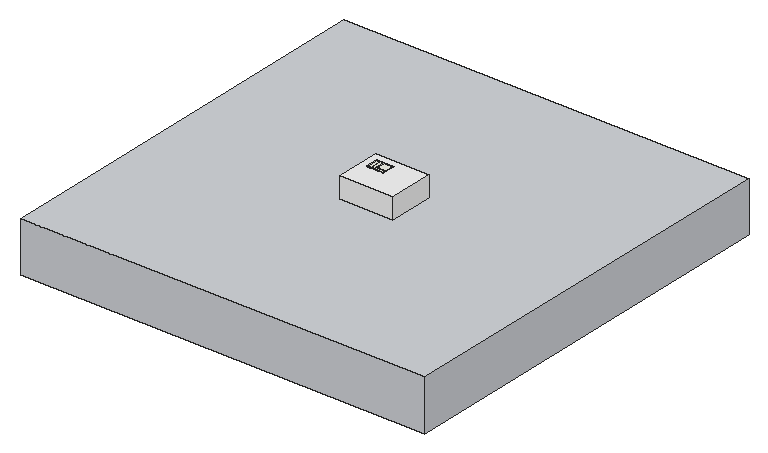
Revit family "Fuentes de alimentación conmutadas_Aguilera Electronica", category Equipos eléctricos, Revit 2017
Family settings
  Anfitrión = Cara
  Cota de conector redondo = Diámetro de uso
  Tipo de pieza = Cuadro conmutador
  Número OmniClass = 23.85.30.21.11.14
  Título OmniClass = Alarm Panels
  Corte con vacíos al cargar = No
  Compartido = No
  Punto de cálculo de habitación = No
Parameters (values of type "Fuente de alimentación conmutada 2A a 24V")
  URL = "http://aguilera.es/?productos=fuente-de-alimentacion-conmutada-2a-a-24v"
  Símbolo texto modelo = yes
  Símbolo = yes
  Potencial eléctrico = 230 V
  Potencial aparente = 460 VA
  Modelo = "AE/SA-FA2"
  Fondo = 125 mm
  Fabricante = "Aguilera Electrónica"  # constant formula
  Elevación por defecto = 1200 mm
  Diámetro tubo = 20 mm
  Descripción = "Fuente de alimentación conmutada 24Vcc / 2A fabricada según norma EN 54-4.\r\nBitensión 230/115 Vca; 50/60Hz. Fuente alimentación cortocircuitable, provista de indicaciones luminosas del estado general de la fuente de alimentación, estado y carga de las baterías y de los fusibles de salida según norma EN 54.4.\r\nDispone de 2 salidas independientes protegidas contra cortocircuitos. Equipa una tarjeta microprocesada que mantiene informada a la central Algorítmica de su estado permanente."
  Assembly Code = ""
  Comentarios de tipo = "2A a 24V"
  Ancho = 320 mm
  Alto = 272 mm
Types (3, lengths in mm): name | URL | Potencial aparente | Modelo | Fondo | Descripción | Comentarios de tipo | Ancho | Alto
  (no name) | "http://aguilera.es/?productos=fuente-de-alimentacion-conmutada-2a-a-24v" | 460 VA | "AE/SA-FA2" | 125 | "Fuente de alimentación conmutada 24Vcc / 2A fabricada según norma EN 54-4.\r\nBitensión 230/115 Vca; 50/60Hz. Fuente alimentación cortocircuitable, provista de indicaciones luminosas del estado general de la fuente de alimentación, estado y carga de las baterías y de los fusibles de salida según norma EN 54.4.\r\nDispone de 2 salidas independientes protegidas contra cortocircuitos. Equipa una tarjeta microprocesada que mantiene informada a la central Algorítmica de su estado permanente." | "2A a 24V" | 320 | 272
  Fuente de alimentación conmutada 5A a 24V | "http://aguilera.es/?productos=fuente-de-alimentacion-conmutada-5a-a-24v" | 1150 VA | "AE/SA-FA" | 100 | "Fuente de alimentación conmutada 24Vcc / 5A fabricada según norma EN 54-4.\r\nBitensión 230/115 Vca; 50/60Hz. Fuente alimentación cortocircuitable, provista de indicaciones luminosas del estado general de la fuente de alimentación, estado y carga de las baterías y de los fusibles de salida según norma EN 54.4.\r\nDispone de 2 salidas independientes protegidas contra cortocircuitos. Equipa una tarjeta microprocesada que mantiene informada a la central Algorítmica de su estado permanente." | "5A a 24V" | 390 | 440
  Fuente de alimentación conmutada 2A a 24V | "http://aguilera.es/?productos=fuente-de-alimentacion-conmutada-2a-a-24v" | 460 VA | "AE/SA-FA2" | 125 | "Fuente de alimentación conmutada 24Vcc / 2A fabricada según norma EN 54-4.\r\nBitensión 230/115 Vca; 50/60Hz. Fuente alimentación cortocircuitable, provista de indicaciones luminosas del estado general de la fuente de alimentación, estado y carga de las baterías y de los fusibles de salida según norma EN 54.4.\r\nDispone de 2 salidas independientes protegidas contra cortocircuitos. Equipa una tarjeta microprocesada que mantiene informada a la central Algorítmica de su estado permanente." | "2A a 24V" | 320 | 272
Reference planes
  plane 1 "Centro (Frontal/Posterior)": y = 0
  plane 2: z = 0
  plane 3 "Centro (Izquierda/Derecha)": x = 0
  plane 4: y = 136
  plane 5: y = -136
  plane 6: x = -160
  plane 7: x = 160
  plane 8: z = 125
  plane 9: z = 122
  plane 10: x = -121
  plane 11: x = 121
  plane 12: z = 119
Forms (mm)
  Extrusion 1, solid
    sketch origin (0, 0, 0) x (1, 0, 0) y (0, 1, 0)
      loop
        line (-1219.2, 1219.2) -> (-1219.2, -1219.2) -> (1219.2, -1219.2) -> (1219.2, 1219.2) -> (-1219.2, 1219.2)
    from 0 to -304.8
  Extrusion 2, solid, material "ABS Blanco"
    sketch origin (0, 0, 0) x (1, 0, 0) y (0, 1, 0)
      loop
        line (-160, -136) -> (160, -136) -> (160, 136) -> (-160, 136) -> (-160, -136)
      loop
        line (-21.17, 95.225) -> (-121, 95.225) -> (-121, 16.664) -> (-21.17, 16.664) -> (-21.17, 95.225)
    from 0 to 125
  Extrusion 3, solid, material "ABS Blanco"
    sketch origin (0, 0, 0) x (1, 0, 0) y (0, 1, 0)
      loop
        line (-121, 95.225) -> (-121, 0) -> (121, 0) -> (121, 95.225) -> (-121, 95.225)
    from 0 to 122
  Extrusion 4, solid, material "Azul", detail levels fine
    sketch origin (0, -328.866, 122) x (0, -1, 0) y (1, 0, 0)
      loop
        line (-424.092, -121) -> (-345.53, -121) -> (-345.53, -21.17) -> (-424.092, -21.17) -> (-424.092, -121)
    from 0 to 1
  Extrusion 5, solid, material "Blanco", detail levels fine
    sketch origin (0, -328.866, 123) x (0, -1, 0) y (1, 0, 0)
      loop
        line (-420.815, -118.576) -> (-348.381, -118.576) -> (-348.381, -98.701) -> (-420.815, -98.701) -> (-420.815, -118.576)
      loop
        line (-420.815, -96.53) -> (-348.381, -96.53) -> (-348.381, -76.655) -> (-420.815, -76.655) -> (-420.815, -96.53)
      loop
        line (-420.815, -75.065) -> (-368.256, -75.065) -> (-368.256, -23.065) -> (-420.815, -23.065) -> (-420.815, -75.065)
      loop
        line (-365.969, -75.065) -> (-348.381, -75.065) -> (-348.381, -23.065) -> (-365.969, -23.065) -> (-365.969, -75.065)
    from 0 to 1
Cuts and joins
  joined: Extrusion 2, Extrusion 3
Dimensions and locks
  plane 5 to plane 1 "Centro (Frontal/Posterior)" to plane 4 = 136 mm, 136 mm
  "Alto": plane 5 to plane 4
  plane 6 to plane 3 "Centro (Izquierda/Derecha)" to plane 7 = 160 mm, 160 mm
  "Ancho": plane 6 to plane 7
  "Fondo": plane 8 to plane 2
  equal spacing: plane 10, plane 3 "Centro (Izquierda/Derecha)", plane 11, locked at 121 each
  locked: plane 8 to plane 9 at 3
  aligned and locked: plane 2 to Extrusion 1
  aligned and locked: level to Extrusion 1
  aligned and locked: plane 5 to Extrusion 2 sketch curve
  aligned and locked: Extrusion 2 sketch curve to plane 6
  aligned and locked: plane 4 to Extrusion 2 sketch curve
  aligned and locked: Extrusion 2 sketch curve to plane 7
  aligned and locked: plane 8 to Extrusion 2
  aligned and locked: Extrusion 3 to level
  aligned and locked: Extrusion 3 to Extrusion 2
  aligned and locked: plane 1 "Centro (Frontal/Posterior)" to Extrusion 3
  aligned and locked: Extrusion 4 to cut or joined group of Extrusion 2, Extrusion 3
  aligned and locked: plane 9 to Extrusion 3
Automatic sketch dimensions
  Extrusion 1 sketch curve to Extrusion 1 sketch curve = 2438.4 mm  (x2)
  Extrusion 2 sketch curve to plane 1 "Centro (Frontal/Posterior)" = 16.664 mm
  Extrusion 2 sketch curve to plane 10 = 0 mm
  plane 11 to Extrusion 2 sketch curve = 142.17 mm
  Extrusion 2 sketch curve to plane 4 = 40.775 mm
  Extrusion 3 sketch curve to plane 1 "Centro (Frontal/Posterior)" = 0 mm
  Extrusion 3 sketch curve to plane 10 = 0 mm
  Extrusion 3 sketch curve to plane 11 = 0 mm
  Extrusion 3 sketch curve to plane 4 = 40.775 mm
  Extrusion 4 sketch curve to plane 10 = 0 mm
  Extrusion 4 sketch curve to plane 4 = 40.775 mm
  Extrusion 4 sketch curve to plane 1 "Centro (Frontal/Posterior)" = 16.664 mm
  Extrusion 4 sketch curve to plane 3 "Centro (Izquierda/Derecha)" = 21.17 mm
  Extrusion 5 sketch curve to Extrusion 4 = 3.276 mm  (x2)
  Extrusion 5 sketch curve to Extrusion 5 sketch curve = 0 mm  (x3)
  Extrusion 5 sketch curve to Extrusion 4 = 1.895 mm  (x2)
  Extrusion 5 sketch curve to Extrusion 4 = 22.726 mm
  Extrusion 5 sketch curve to Extrusion 5 sketch curve = 2.287 mm
  Extrusion 5 sketch curve to Extrusion 4 = 2.85 mm  (x2)
  Extrusion 5 sketch curve to Extrusion 4 = 45.935 mm
  Extrusion 5 sketch curve to Extrusion 5 sketch curve = 1.59 mm
  Extrusion 5 sketch curve to Extrusion 5 sketch curve = 19.875 mm
  Extrusion 5 sketch curve to Extrusion 5 sketch curve = 2.171 mm
  Extrusion 5 sketch curve to Extrusion 4 = 2.424 mm
Nested families
  nested 1: "S_Fuentes de alimentación conmutadas_Aguilera Electronica" at (0, 0, 0), visible <- "Símbolo", type "S_Fuentes de alimentación conmutadas_Aguilera Electronica"
Connectors
  electrical at (0, 0, 0), driven by "Modelo", driven by "Potencial eléctrico", driven by "Potencial aparente"
    settings: on cut or joined group of Extrusion 2, Extrusion 3, index 3, voltage 230 V, apparent load 460 VA, apparent load phase1 0 VA, apparent load phase2 0 VA, apparent load phase3 0 VA, power factor 1, load classification "Potencia", number of poles 1, system type 30, power factor state 1, is connector primary yes, connector utility no, sub classification motor no, connector description "AE/SA-FA2"
  cabletrayconduit at (0, 0, 0), diameter 20, driven by "Diámetro tubo", driven by "Modelo"
    settings: on cut or joined group of Extrusion 2, Extrusion 3, index 4, connector width 300 mm, connector height 300 mm, connector angle 0.00°, system type 32, placement type 0, profile type 0, connector reference index -1, is primary connector yes, connector utility param no, connector description "AE/SA-FA2"
Definition of nested family "S_Fuentes de alimentación conmutadas_Aguilera Electronica"
  Parameters (values of type "S_Fuentes de alimentación conmutadas_Aguilera Electronica")
    Texto símbolo = "Fuente alimentación"
    Texto modelo = yes
    Modelo = "AE/SA-FA2"
  Reference planes
    plane 1: y = 0
    plane 2: x = 0
  Lines and regions (mm)
    detail lines
      curve 1: line (-6.104, -5.498, 0) -> (6.104, -5.498, 0)
      curve 2: line (-6.104, 5.498, 0) -> (-6.104, -5.498, 0)
      curve 3: line (6.104, 5.498, 0) -> (-6.104, 5.498, 0)
      curve 4: line (6.104, -5.498, 0) -> (6.104, 5.498, 0)
  Text (mm)
    label "Texto símbolo" at (-0.164, 2.864, 0), shows "Texto símbolo"
    label "Modelo" at (-0.164, -2.652, 0), shows "Modelo", visible <- "Texto modelo"
